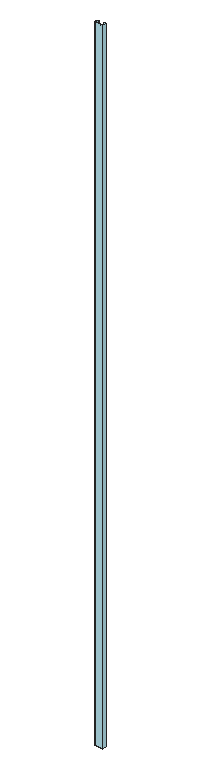
Revit family "AS-50×23×9×1.6(折曲加工）", category 機械設備, Revit 2020
Family settings
  丸型コネクタ寸法 = 直径を使用
  種別 = なし
  パーツ タイプ = 標準
  作業面ベース = いいえ
  常に垂直 = はい
  ロード時にボイドで切り取り = いいえ
  共有 = いいえ
  部屋計算ポイント = いいえ
Parameters
  製造元 = "株式会社桐井製作所"
  既定の高さ = 0 mm
  URL = "https://www.kirii.co.jp/"
  K_長さ(mm) [instance] = 4000 mm
  K_外形寸法(mm) = "50×23×9×1.6"
  K_品名 = "リップ付チャンネルAS-50×23×9×1.6(折曲加工)"
  K_名称 = "斜め部材(ブレース材)"
  K_バージョン情報 = "20211216"
Reference planes
  plane 1 "中心(正面/背面)": y = 0
  plane 2: z = 0
  plane 3 "中心(左/右)": x = 0
  plane 4: x = 25
  plane 5: x = -25
  plane 6: z = 4000
  plane 7: y = 23
Forms (mm)
  Extrusion 1, solid
    sketch origin (27.5, 1, 0) x (1, 0, 0) y (0, 1, 0)
      loop
        line (-52.5, 22) -> (-52.5, -1) -> (-2.5, -1) -> (-2.5, 22) -> (-11.5, 22) -> (-11.5, 20.4) -> (-4.1, 20.4) -> (-4.1, 0.6) -> (-50.9, 0.6) -> (-50.9, 20.4) -> (-43.5, 20.4) -> (-43.5, 22) -> (-52.5, 22)
    from 0 to 4000
Dimensions and locks
  "K_長さ(mm)": plane 6 to plane 2
  aligned and locked: level to plane 2
  aligned and locked: plane 6 to Extrusion 1
Automatic sketch dimensions
  Extrusion 1 sketch curve to plane 5 = 0 mm
  plane 1 "中心(正面/背面)" to Extrusion 1 sketch curve = 0 mm
  plane 7 to Extrusion 1 sketch curve = 0 mm  (x2)
  Extrusion 1 sketch curve to plane 4 = 0 mm
  Extrusion 1 sketch curve to Extrusion 1 sketch curve = 1.6 mm
  Extrusion 1 sketch curve to Extrusion 1 sketch curve = 7.4 mm
  Extrusion 1 sketch curve to plane 4 = 9 mm
  Extrusion 1 sketch curve to plane 4 = 1.6 mm
  Extrusion 1 sketch curve to plane 1 "中心(正面/背面)" = 1.6 mm
  plane 7 to Extrusion 1 sketch curve = 1.6 mm  (x2)
